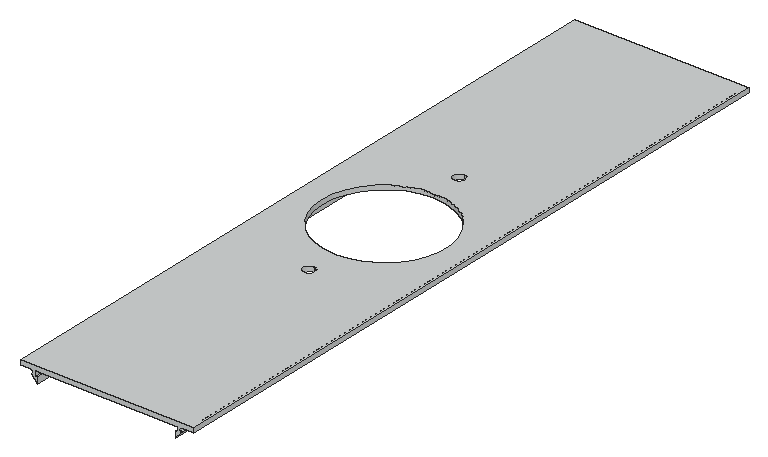
Revit family "Specialty_Equipment-Metal_Raceway-Hubbell_Wiring-Single_Receptacle_Cover-HBLALUJ", category Specialty Equipment, host Face, Revit 2015
Parameters (values of type "HBLALUJ")
  URL = "http://www.hubbell-wiring.com/"
  Product data url = "https://bimobject.com/hubbellwiring/product/hubbell-metal-raceway-alu3800"
  Product Page URL = "http://ecatalog.hubbell-wiring.com/ProductInformation/ViewCatalog.aspx?Dest=hubbell-wiring.com/press/catalog/r.pdf"
  Product Documentation Link = "http://www.hubbell-wiring.com/press/pdfs/h5233r08.pdf"
  Model = "HBLALUJ"  # constant formula
  Manufacturer = "Hubbell Wiring Device Kellems"  # constant formula
  Host Note = "Add in Section View; Host to Wall"  # constant formula
  Description = "Single Receptacle Cover"  # constant formula
  Default Elevation = 48.00"
  Cable Tray Material = Metal-Hubbell-Aluminium
  B = 3.00"
  Assembly Code = "D5090900"
  A = 12.00"
Reference planes (in)
  plane 1 "Center (Front/Back)": y = 0
  plane 2: z = 0
  plane 3 "Center (Left/Right)": x = 0
  plane 4: z = 2.075
  plane 5: y = 6
  plane 6: y = -6
  plane 7: x = -1.49625
  plane 8: x = 1.50375
  plane 9: y = 1.625
  plane 10: y = -1.625
Forms (in)
  Extrusion 1, void
    sketch origin (1.49625, 0, 2.17481) x (0, -1, 0) y (-1, 0, 0)
      loop
        circle (1.625, 1.49625) r 0.1
      loop
        circle (-1.625, 1.49625) r 0.1
      loop
        circle (0, 1.4925) r 1.08
    from 0.025 to 0.09981
  Extrusion 2, solid, material "Metal-Hubbell-Aluminium" <- "Cable Tray Material"
    sketch origin (0, 0, 0) x (1, 0, 0) y (0, 0, 1)
      loop
        line (-1.30392, 2.00529) -> (-1.18995, 1.89132) -> (-1.18995, 1.9952) -> (-1.22194, 1.9952) -> (-1.22194, 2.075) -> (1.22194, 2.075) -> (1.22194, 1.9952) -> (1.18995, 1.9952) -> (1.18995, 1.89132) -> (1.30392, 2.00529)
        arc (1.30392, 2.00529) -> (1.27184, 2.04149) -> (1.30673, 2.075) r 0.03491
        line (1.30673, 2.075) -> (1.50375, 2.075) -> (1.50375, 2.14981) -> (-1.49625, 2.14981) -> (-1.49625, 2.075) -> (-1.30672, 2.075)
        arc (-1.30672, 2.075) -> (-1.27184, 2.04149) -> (-1.30392, 2.00529) r 0.03491
    from -6 to 6
Cuts and joins
  Extrusion 1 cuts Extrusion 2
Lines and regions (in)
  reference lines
    curve 1: circle (0, 1.625, 2.075) r 0.1 normal (0, 0, 1)
    curve 2: circle (0, -1.625, 2.075) r 0.1 normal (0, 0, 1)
    curve 3: line (-1.49625, 0, 2.14981) -> (-1.49625, 0, 2.075)
    curve 4: line (1.50375, 0, 2.14981) -> (-1.49625, 0, 2.14981)
    curve 5: line (1.50375, 0, 2.075) -> (1.50375, 0, 2.14981)
    curve 6: line (1.30673, 0, 2.075) -> (1.50375, 0, 2.075)
    curve 7: arc (1.30392, 0, 2.00529) -> (1.27184, 0, 2.04149) -> (1.30673, 0, 2.075) r 0.03491
    curve 8: line (1.18995, 0, 1.89132) -> (1.30392, 0, 2.00529)
    curve 9: line (1.18995, 0, 1.9952) -> (1.18995, 0, 1.89132)
    curve 10: line (1.22194, 0, 1.9952) -> (1.18995, 0, 1.9952)
    curve 11: line (1.22194, 0, 2.075) -> (1.22194, 0, 1.9952)
    curve 12: line (-1.22194, 0, 2.075) -> (1.22194, 0, 2.075)
    curve 13: line (-1.22194, 0, 1.9952) -> (-1.22194, 0, 2.075)
    curve 14: line (-1.18995, 0, 1.9952) -> (-1.22194, 0, 1.9952)
    curve 15: line (-1.18995, 0, 1.89132) -> (-1.18995, 0, 1.9952)
    curve 16: line (-1.30392, 0, 2.00529) -> (-1.18995, 0, 1.89132)
    curve 17: arc (-1.30672, 0, 2.075) -> (-1.27184, 0, 2.04149) -> (-1.30392, 0, 2.00529) r 0.03491
    curve 18: line (-1.49625, 0, 2.075) -> (-1.30672, 0, 2.075)
    curve 19: circle (0.00375, 0, 2.075) r 1.08 normal (0, 0, 1)
  symbolic lines
    curve 20: line (0, 6, 2.075) -> (0, -6, 2.075)
    curve 21: line (0, 6, 2.14981) -> (0, 6, 2.075)
    curve 22: line (0, -6, 2.14981) -> (0, 6, 2.14981)
    curve 23: line (0, -6, 2.075) -> (0, -6, 2.14981)
    curve 24: line (-1.49625, 6, 0) -> (-1.49625, -6, 0)
    curve 25: line (-1.49625, -6, 0) -> (1.50375, -6, 0)
    curve 26: line (1.50375, -6, 0) -> (1.50375, 6, 0)
    curve 27: line (1.50375, 6, 0) -> (-1.49625, 6, 0)
    curve 28: arc (0, -1.725, 0) -> (-0.1, -1.625, 0) -> (0, -1.525, 0) r 0.1
    curve 29: arc (0, -1.525, 0) -> (0.1, -1.625, 0) -> (0, -1.725, 0) r 0.1
    curve 30: arc (0.00375, 1.08, 0) -> (1.08375, 0, 0) -> (0.00375, -1.08, 0) r 1.08
    curve 31: arc (0.00375, -1.08, 0) -> (-1.07625, 0, 0) -> (0.00375, 1.08, 0) r 1.08
    curve 32: arc (0, 1.525, 0) -> (-0.1, 1.625, 0) -> (0, 1.725, 0) r 0.1
    curve 33: arc (0, 1.725, 0) -> (0.1, 1.625, 0) -> (0, 1.525, 0) r 0.1
    curve 34: line (1.50375, 0, 2.075) -> (-1.49625, 0, 2.075)
    curve 35: line (1.50375, 0, 2.14981) -> (1.50375, 0, 2.075)
    curve 36: line (-1.49625, 0, 2.14981) -> (1.50375, 0, 2.14981)
    curve 37: line (-1.49625, 0, 2.075) -> (-1.49625, 0, 2.14981)
Dimensions and locks (in)
  equal spacing: plane 5, plane 1 "Center (Front/Back)", plane 6
  "A": plane 5 to plane 6
  "B": plane 7 to plane 8
  equal spacing: plane 9, plane 1 "Center (Front/Back)", plane 10, locked at 1.625 each
  plane 4 to host face = 2.075"
  aligned and locked: plane 2 to host face
  aligned and locked: level to host face
  aligned and locked: Extrusion 1 sketch curve to curve 2
  aligned and locked: Extrusion 1 sketch curve to curve 1
  aligned and locked: Extrusion 1 sketch curve to curve 19
  aligned and locked: Extrusion 2 sketch curve to curve 16
  aligned and locked: Extrusion 2 sketch curve to curve 17
  aligned and locked: Extrusion 2 sketch curve to curve 18
  aligned and locked: Extrusion 2 sketch curve to curve 3
  aligned and locked: Extrusion 2 sketch curve to curve 4
  aligned and locked: Extrusion 2 sketch curve to curve 5
  aligned and locked: Extrusion 2 sketch curve to curve 7
  aligned and locked: Extrusion 2 sketch curve to curve 8
  aligned and locked: Extrusion 2 sketch curve to curve 9
  aligned and locked: Extrusion 2 sketch curve to curve 10
  aligned and locked: Extrusion 2 sketch curve to curve 11
  aligned and locked: Extrusion 2 sketch curve to curve 12
  aligned and locked: Extrusion 2 sketch curve to curve 13
  aligned and locked: Extrusion 2 sketch curve to curve 14
  aligned and locked: Extrusion 2 sketch curve to curve 15
  aligned and locked: Extrusion 2 to plane 6
  aligned and locked: plane 5 to Extrusion 2
  aligned and locked: curve 24 to cut or joined group of Extrusion 1, Extrusion 2
  aligned and locked: curve 25 to cut or joined group of Extrusion 1, Extrusion 2
  aligned and locked: curve 26 to cut or joined group of Extrusion 1, Extrusion 2
  aligned and locked: curve 27 to cut or joined group of Extrusion 1, Extrusion 2
  aligned and locked: curve 28 to cut or joined group of Extrusion 1, Extrusion 2
  aligned and locked: curve 29 to cut or joined group of Extrusion 1, Extrusion 2
  aligned and locked: curve 30 to cut or joined group of Extrusion 1, Extrusion 2
  aligned and locked: curve 31 to cut or joined group of Extrusion 1, Extrusion 2
  aligned and locked: curve 32 to cut or joined group of Extrusion 1, Extrusion 2
  aligned and locked: curve 33 to cut or joined group of Extrusion 1, Extrusion 2
  aligned and locked: curve 34 to cut or joined group of Extrusion 1, Extrusion 2
  aligned and locked: curve 35 to cut or joined group of Extrusion 1, Extrusion 2
  aligned and locked: curve 36 to cut or joined group of Extrusion 1, Extrusion 2
  aligned and locked: curve 37 to cut or joined group of Extrusion 1, Extrusion 2
  aligned and locked: curve 22 to cut or joined group of Extrusion 1, Extrusion 2
Automatic sketch dimensions
  host sketch curve to host sketch curve = 96.00"  (x2)
  curve 2 to plane 3 "Center (Left/Right)" = 0.00"
  curve 1 to plane 3 "Center (Left/Right)" = 0.00"
  curve 1 to plane 9 = 0.00"
  curve 2 to plane 10 = 0.00"
  curve 3 to plane 4 = 0.00"
  curve 3 to plane 7 = 0.00"
  plane 8 to curve 4 = 0.00"
  plane 4 to curve 4 = 0.07481"
  curve 5 to plane 4 = 0.00"
  plane 8 to curve 6 = 0.19703"
  curve 7 to curve 7 = 0.00281"
  curve 7 to plane 4 = 0.03491"
  curve 8 to curve 8 = 0.11397"  (x2)
  curve 9 to plane 4 = 0.0798"
  curve 9 to curve 10 = 0.03199"
  curve 11 to plane 4 = 0.00"
  plane 7 to curve 12 = 0.27431"
  curve 13 to plane 4 = 0.0798"
  curve 13 to curve 14 = 0.03199"
  curve 15 to curve 15 = 0.10388"
  curve 16 to plane 4 = 0.06971"
  curve 16 to curve 13 = 0.08198"
  curve 17 to plane 4 = 0.03491"
  curve 20 to plane 4 = 0.00"
  curve 20 to plane 6 = 0.00"
  curve 22 to plane 5 = 0.00"
  radius of curve 1 = 0.10"
  radius of curve 2 = 0.10"
  radius of curve 19 = 1.08"
